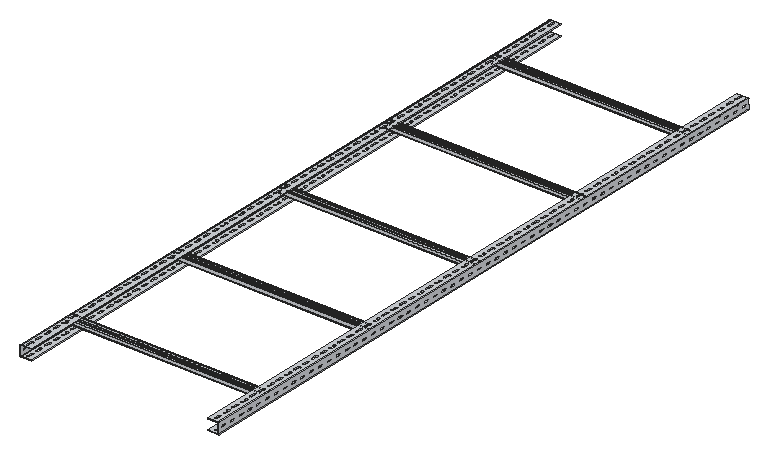
Revit family "steigeleiter_900_FT", category Generic Models, Revit 2017 (continued)
Forms (mm)
  Extrusion 306, void
    sketch origin (0, 250, 0) x (1, 0, 0) y (0, 1, 0)
      loop
        line (430.5, 15.5) -> (430.5, 34.5)
        arc (430.5, 34.5) -> (425, 40) -> (419.5, 34.5) r 5.5
        line (419.5, 34.5) -> (419.5, 15.5)
    from 0 to 2.5
  Extrusion 307, void
    sketch origin (0, 300, 0) x (1, 0, 0) y (0, 1, 0)
      loop
        arc (419.5, 15.5) -> (425, 10) -> (430.5, 15.5) r 5.5
        line (430.5, 15.5) -> (430.5, 34.5)
        arc (430.5, 34.5) -> (425, 40) -> (419.5, 34.5) r 5.5
        line (419.5, 34.5) -> (419.5, 15.5)
    from 0 to 2.5
  Extrusion 308, void
    sketch origin (0, 350, 0) x (1, 0, 0) y (0, 1, 0)
      loop
        arc (419.5, 15.5) -> (425, 10) -> (430.5, 15.5) r 5.5
        line (430.5, 15.5) -> (430.5, 34.5)
        arc (430.5, 34.5) -> (425, 40) -> (419.5, 34.5) r 5.5
        line (419.5, 34.5) -> (419.5, 15.5)
    from 0 to 2.5
  Extrusion 309, void
    sketch origin (0, 400, 0) x (1, 0, 0) y (0, 1, 0)
      loop
        arc (419.5, 15.5) -> (425, 10) -> (430.5, 15.5) r 5.5
        line (430.5, 15.5) -> (430.5, 34.5)
        arc (430.5, 34.5) -> (425, 40) -> (419.5, 34.5) r 5.5
        line (419.5, 34.5) -> (419.5, 15.5)
    from 0 to 2.5
  Extrusion 310, void
    sketch origin (0, 450, 0) x (1, 0, 0) y (0, 1, 0)
      loop
        arc (419.5, 15.5) -> (425, 10) -> (430.5, 15.5) r 5.5
        line (430.5, 15.5) -> (430.5, 34.5)
        arc (430.5, 34.5) -> (425, 40) -> (419.5, 34.5) r 5.5
        line (419.5, 34.5) -> (419.5, 15.5)
    from 0 to 2.5
  Extrusion 311, void
    sketch origin (0, 500, 0) x (1, 0, 0) y (0, 1, 0)
      loop
        arc (419.5, 15.5) -> (425, 10) -> (430.5, 15.5) r 5.5
        line (430.5, 15.5) -> (430.5, 34.5)
        arc (430.5, 34.5) -> (425, 40) -> (419.5, 34.5) r 5.5
        line (419.5, 34.5) -> (419.5, 15.5)
    from 0 to 2.5
  Extrusion 312, void
    sketch origin (0, 550, 0) x (1, 0, 0) y (0, 1, 0)
      loop
        arc (419.5, 15.5) -> (425, 10) -> (430.5, 15.5) r 5.5
        line (430.5, 15.5) -> (430.5, 34.5)
        arc (430.5, 34.5) -> (425, 40) -> (419.5, 34.5) r 5.5
        line (419.5, 34.5) -> (419.5, 15.5)
    from 0 to 2.5
  Extrusion 313, void
    sketch origin (0, 600, 0) x (1, 0, 0) y (0, 1, 0)
      loop
        arc (419.5, 15.5) -> (425, 10) -> (430.5, 15.5) r 5.5
        line (430.5, 15.5) -> (430.5, 34.5)
        arc (430.5, 34.5) -> (425, 40) -> (419.5, 34.5) r 5.5
        line (419.5, 34.5) -> (419.5, 15.5)
    from 0 to 2.5
  Extrusion 314, void
    sketch origin (0, 650, 0) x (1, 0, 0) y (0, 1, 0)
      loop
        arc (419.5, 15.5) -> (425, 10) -> (430.5, 15.5) r 5.5
        line (430.5, 15.5) -> (430.5, 34.5)
        arc (430.5, 34.5) -> (425, 40) -> (419.5, 34.5) r 5.5
        line (419.5, 34.5) -> (419.5, 15.5)
    from 0 to 2.5
  Extrusion 315, void
    sketch origin (0, 700, 0) x (1, 0, 0) y (0, 1, 0)
      loop
        arc (419.5, 15.5) -> (425, 10) -> (430.5, 15.5) r 5.5
        line (430.5, 15.5) -> (430.5, 34.5)
        arc (430.5, 34.5) -> (425, 40) -> (419.5, 34.5) r 5.5
        line (419.5, 34.5) -> (419.5, 15.5)
    from 0 to 2.5
  Extrusion 316, void
    sketch origin (0, 750, 0) x (1, 0, 0) y (0, 1, 0)
      loop
        arc (419.5, 15.5) -> (425, 10) -> (430.5, 15.5) r 5.5
        line (430.5, 15.5) -> (430.5, 34.5)
        arc (430.5, 34.5) -> (425, 40) -> (419.5, 34.5) r 5.5
        line (419.5, 34.5) -> (419.5, 15.5)
    from 0 to 2.5
  Extrusion 317, void
    sketch origin (0, 800, 0) x (1, 0, 0) y (0, 1, 0)
      loop
        arc (419.5, 15.5) -> (425, 10) -> (430.5, 15.5) r 5.5
        line (430.5, 15.5) -> (430.5, 34.5)
        arc (430.5, 34.5) -> (425, 40) -> (419.5, 34.5) r 5.5
        line (419.5, 34.5) -> (419.5, 15.5)
    from 0 to 2.5
  Extrusion 318, void
    sketch origin (0, 850, 0) x (1, 0, 0) y (0, 1, 0)
      loop
        arc (419.5, 15.5) -> (425, 10) -> (430.5, 15.5) r 5.5
        line (430.5, 15.5) -> (430.5, 34.5)
        arc (430.5, 34.5) -> (425, 40) -> (419.5, 34.5) r 5.5
        line (419.5, 34.5) -> (419.5, 15.5)
    from 0 to 2.5
  Extrusion 319, void
    sketch origin (0, 900, 0) x (1, 0, 0) y (0, 1, 0)
      loop
        arc (419.5, 15.5) -> (425, 10) -> (430.5, 15.5) r 5.5
        line (430.5, 15.5) -> (430.5, 34.5)
        arc (430.5, 34.5) -> (425, 40) -> (419.5, 34.5) r 5.5
        line (419.5, 34.5) -> (419.5, 15.5)
    from 0 to 2.5
  Extrusion 320, void
    sketch origin (0, 950, 0) x (1, 0, 0) y (0, 1, 0)
      loop
        arc (419.5, 15.5) -> (425, 10) -> (430.5, 15.5) r 5.5
        line (430.5, 15.5) -> (430.5, 34.5)
        arc (430.5, 34.5) -> (425, 40) -> (419.5, 34.5) r 5.5
        line (419.5, 34.5) -> (419.5, 15.5)
    from 0 to 2.5
  Extrusion 321, void
    sketch origin (0, 1000, 0) x (1, 0, 0) y (0, 1, 0)
      loop
        arc (419.5, 15.5) -> (425, 10) -> (430.5, 15.5) r 5.5
        line (430.5, 15.5) -> (430.5, 34.5)
        arc (430.5, 34.5) -> (425, 40) -> (419.5, 34.5) r 5.5
        line (419.5, 34.5) -> (419.5, 15.5)
    from 0 to 2.5
  Extrusion 322, void
    sketch origin (0, 1050, 0) x (1, 0, 0) y (0, 1, 0)
      loop
        arc (419.5, 15.5) -> (425, 10) -> (430.5, 15.5) r 5.5
        line (430.5, 15.5) -> (430.5, 34.5)
        arc (430.5, 34.5) -> (425, 40) -> (419.5, 34.5) r 5.5
        line (419.5, 34.5) -> (419.5, 15.5)
    from 0 to 2.5
  Extrusion 323, void
    sketch origin (0, 1100, 0) x (1, 0, 0) y (0, 1, 0)
      loop
        arc (419.5, 15.5) -> (425, 10) -> (430.5, 15.5) r 5.5
        line (430.5, 15.5) -> (430.5, 34.5)
        arc (430.5, 34.5) -> (425, 40) -> (419.5, 34.5) r 5.5
        line (419.5, 34.5) -> (419.5, 15.5)
    from 0 to 2.5
  Extrusion 324, void
    sketch origin (0, 1150, 0) x (1, 0, 0) y (0, 1, 0)
      loop
        arc (419.5, 15.5) -> (425, 10) -> (430.5, 15.5) r 5.5
        line (430.5, 15.5) -> (430.5, 34.5)
        arc (430.5, 34.5) -> (425, 40) -> (419.5, 34.5) r 5.5
        line (419.5, 34.5) -> (419.5, 15.5)
    from 0 to 2.5
  Extrusion 325, void
    sketch origin (0, 1200, 0) x (1, 0, 0) y (0, 1, 0)
      loop
        arc (419.5, 15.5) -> (425, 10) -> (430.5, 15.5) r 5.5
        line (430.5, 15.5) -> (430.5, 34.5)
        arc (430.5, 34.5) -> (425, 40) -> (419.5, 34.5) r 5.5
        line (419.5, 34.5) -> (419.5, 15.5)
    from 0 to 2.5
  Extrusion 326, void
    sketch origin (0, 1250, 0) x (1, 0, 0) y (0, 1, 0)
      loop
        arc (419.5, 15.5) -> (425, 10) -> (430.5, 15.5) r 5.5
        line (430.5, 15.5) -> (430.5, 34.5)
        arc (430.5, 34.5) -> (425, 40) -> (419.5, 34.5) r 5.5
        line (419.5, 34.5) -> (419.5, 15.5)
    from 0 to 2.5
  Extrusion 327, void
    sketch origin (0, 1300, 0) x (1, 0, 0) y (0, 1, 0)
      loop
        arc (419.5, 15.5) -> (425, 10) -> (430.5, 15.5) r 5.5
        line (430.5, 15.5) -> (430.5, 34.5)
        arc (430.5, 34.5) -> (425, 40) -> (419.5, 34.5) r 5.5
        line (419.5, 34.5) -> (419.5, 15.5)
    from 0 to 2.5
  Extrusion 328, void
    sketch origin (0, 1350, 0) x (1, 0, 0) y (0, 1, 0)
      loop
        arc (419.5, 15.5) -> (425, 10) -> (430.5, 15.5) r 5.5
        line (430.5, 15.5) -> (430.5, 34.5)
        arc (430.5, 34.5) -> (425, 40) -> (419.5, 34.5) r 5.5
        line (419.5, 34.5) -> (419.5, 15.5)
    from 0 to 2.5
  Extrusion 329, void
    sketch origin (0, 1400, 0) x (1, 0, 0) y (0, 1, 0)
      loop
        arc (419.5, 15.5) -> (425, 10) -> (430.5, 15.5) r 5.5
        line (430.5, 15.5) -> (430.5, 34.5)
        arc (430.5, 34.5) -> (425, 40) -> (419.5, 34.5) r 5.5
        line (419.5, 34.5) -> (419.5, 15.5)
    from 0 to 2.5
  Extrusion 330, void
    sketch origin (0, 1450, 0) x (1, 0, 0) y (0, 1, 0)
      loop
        arc (419.5, 15.5) -> (425, 10) -> (430.5, 15.5) r 5.5
        line (430.5, 15.5) -> (430.5, 34.5)
        arc (430.5, 34.5) -> (425, 40) -> (419.5, 34.5) r 5.5
        line (419.5, 34.5) -> (419.5, 15.5)
    from 0 to 2.5
  Extrusion 331, void
    sketch origin (0, 1500, 0) x (1, 0, 0) y (0, 1, 0)
      loop
        arc (419.5, 15.5) -> (425, 10) -> (430.5, 15.5) r 5.5
        line (430.5, 15.5) -> (430.5, 34.5)
        arc (430.5, 34.5) -> (425, 40) -> (419.5, 34.5) r 5.5
        line (419.5, 34.5) -> (419.5, 15.5)
    from 0 to 2.5
  Extrusion 332, void
    sketch origin (0, 1550, 0) x (1, 0, 0) y (0, 1, 0)
      loop
        arc (419.5, 15.5) -> (425, 10) -> (430.5, 15.5) r 5.5
        line (430.5, 15.5) -> (430.5, 34.5)
        arc (430.5, 34.5) -> (425, 40) -> (419.5, 34.5) r 5.5
        line (419.5, 34.5) -> (419.5, 15.5)
    from 0 to 2.5
  Extrusion 333, void
    sketch origin (0, 1600, 0) x (1, 0, 0) y (0, 1, 0)
      loop
        arc (419.5, 15.5) -> (425, 10) -> (430.5, 15.5) r 5.5
        line (430.5, 15.5) -> (430.5, 34.5)
        arc (430.5, 34.5) -> (425, 40) -> (419.5, 34.5) r 5.5
        line (419.5, 34.5) -> (419.5, 15.5)
    from 0 to 2.5
  Extrusion 334, void
    sketch origin (0, 1650, 0) x (1, 0, 0) y (0, 1, 0)
      loop
        arc (419.5, 15.5) -> (425, 10) -> (430.5, 15.5) r 5.5
        line (430.5, 15.5) -> (430.5, 34.5)
        arc (430.5, 34.5) -> (425, 40) -> (419.5, 34.5) r 5.5
        line (419.5, 34.5) -> (419.5, 15.5)
    from 0 to 2.5
  Extrusion 335, void
    sketch origin (0, 1700, 0) x (1, 0, 0) y (0, 1, 0)
      loop
        arc (419.5, 15.5) -> (425, 10) -> (430.5, 15.5) r 5.5
        line (430.5, 15.5) -> (430.5, 34.5)
        arc (430.5, 34.5) -> (425, 40) -> (419.5, 34.5) r 5.5
        line (419.5, 34.5) -> (419.5, 15.5)
    from 0 to 2.5
  Extrusion 336, void
    sketch origin (0, 1750, 0) x (1, 0, 0) y (0, 1, 0)
      loop
        arc (419.5, 15.5) -> (425, 10) -> (430.5, 15.5) r 5.5
        line (430.5, 15.5) -> (430.5, 34.5)
        arc (430.5, 34.5) -> (425, 40) -> (419.5, 34.5) r 5.5
        line (419.5, 34.5) -> (419.5, 15.5)
    from 0 to 2.5
  Extrusion 337, void
    sketch origin (0, 1800, 0) x (1, 0, 0) y (0, 1, 0)
      loop
        arc (419.5, 15.5) -> (425, 10) -> (430.5, 15.5) r 5.5
        line (430.5, 15.5) -> (430.5, 34.5)
        arc (430.5, 34.5) -> (425, 40) -> (419.5, 34.5) r 5.5
        line (419.5, 34.5) -> (419.5, 15.5)
    from 0 to 2.5
  Extrusion 338, void
    sketch origin (0, 1850, 0) x (1, 0, 0) y (0, 1, 0)
      loop
        arc (419.5, 15.5) -> (425, 10) -> (430.5, 15.5) r 5.5
        line (430.5, 15.5) -> (430.5, 34.5)
        arc (430.5, 34.5) -> (425, 40) -> (419.5, 34.5) r 5.5
        line (419.5, 34.5) -> (419.5, 15.5)
    from 0 to 2.5
  Extrusion 339, void
    sketch origin (0, 1900, 0) x (1, 0, 0) y (0, 1, 0)
      loop
        arc (419.5, 15.5) -> (425, 10) -> (430.5, 15.5) r 5.5
        line (430.5, 15.5) -> (430.5, 34.5)
        arc (430.5, 34.5) -> (425, 40) -> (419.5, 34.5) r 5.5
        line (419.5, 34.5) -> (419.5, 15.5)
    from 0 to 2.5
  Extrusion 340, void
    sketch origin (0, 1950, 0) x (1, 0, 0) y (0, 1, 0)
      loop
        arc (419.5, 15.5) -> (425, 10) -> (430.5, 15.5) r 5.5
        line (430.5, 15.5) -> (430.5, 34.5)
        arc (430.5, 34.5) -> (425, 40) -> (419.5, 34.5) r 5.5
        line (419.5, 34.5) -> (419.5, 15.5)
    from 0 to 2.5
  Extrusion 341, void
    sketch origin (0, 2000, 0) x (1, 0, 0) y (0, 1, 0)
      loop
        arc (419.5, 15.5) -> (425, 10) -> (430.5, 15.5) r 5.5
        line (430.5, 15.5) -> (430.5, 34.5)
        arc (430.5, 34.5) -> (425, 40) -> (419.5, 34.5) r 5.5
        line (419.5, 34.5) -> (419.5, 15.5)
    from 0 to 2.5
  Extrusion 342, void
    sketch origin (0, 2050, 0) x (1, 0, 0) y (0, 1, 0)
      loop
        arc (419.5, 15.5) -> (425, 10) -> (430.5, 15.5) r 5.5
        line (430.5, 15.5) -> (430.5, 34.5)
        arc (430.5, 34.5) -> (425, 40) -> (419.5, 34.5) r 5.5
        line (419.5, 34.5) -> (419.5, 15.5)
    from 0 to 2.5
  Extrusion 343, void
    sketch origin (0, 2100, 0) x (1, 0, 0) y (0, 1, 0)
      loop
        arc (419.5, 15.5) -> (425, 10) -> (430.5, 15.5) r 5.5
        line (430.5, 15.5) -> (430.5, 34.5)
        arc (430.5, 34.5) -> (425, 40) -> (419.5, 34.5) r 5.5
        line (419.5, 34.5) -> (419.5, 15.5)
    from 0 to 2.5
  Extrusion 344, void
    sketch origin (0, 2150, 0) x (1, 0, 0) y (0, 1, 0)
      loop
        arc (419.5, 15.5) -> (425, 10) -> (430.5, 15.5) r 5.5
        line (430.5, 15.5) -> (430.5, 34.5)
        arc (430.5, 34.5) -> (425, 40) -> (419.5, 34.5) r 5.5
        line (419.5, 34.5) -> (419.5, 15.5)
    from 0 to 2.5
  Extrusion 345, void
    sketch origin (0, 2200, 0) x (1, 0, 0) y (0, 1, 0)
      loop
        arc (419.5, 15.5) -> (425, 10) -> (430.5, 15.5) r 5.5
        line (430.5, 15.5) -> (430.5, 34.5)
        arc (430.5, 34.5) -> (425, 40) -> (419.5, 34.5) r 5.5
        line (419.5, 34.5) -> (419.5, 15.5)
    from 0 to 2.5
  Extrusion 346, void
    sketch origin (0, 2250, 0) x (1, 0, 0) y (0, 1, 0)
      loop
        arc (419.5, 15.5) -> (425, 10) -> (430.5, 15.5) r 5.5
        line (430.5, 15.5) -> (430.5, 34.5)
        arc (430.5, 34.5) -> (425, 40) -> (419.5, 34.5) r 5.5
        line (419.5, 34.5) -> (419.5, 15.5)
    from 0 to 2.5
  Extrusion 347, void
    sketch origin (0, 2300, 0) x (1, 0, 0) y (0, 1, 0)
      loop
        arc (419.5, 15.5) -> (425, 10) -> (430.5, 15.5) r 5.5
        line (430.5, 15.5) -> (430.5, 34.5)
        arc (430.5, 34.5) -> (425, 40) -> (419.5, 34.5) r 5.5
        line (419.5, 34.5) -> (419.5, 15.5)
    from 0 to 2.5
  Extrusion 348, void
    sketch origin (0, 2350, 0) x (1, 0, 0) y (0, 1, 0)
      loop
        arc (419.5, 15.5) -> (425, 10) -> (430.5, 15.5) r 5.5
        line (430.5, 15.5) -> (430.5, 34.5)
        arc (430.5, 34.5) -> (425, 40) -> (419.5, 34.5) r 5.5
        line (419.5, 34.5) -> (419.5, 15.5)
    from 0 to 2.5
  Extrusion 349, void
    sketch origin (0, 2400, 0) x (1, 0, 0) y (0, 1, 0)
      loop
        arc (419.5, 15.5) -> (425, 10) -> (430.5, 15.5) r 5.5
        line (430.5, 15.5) -> (430.5, 34.5)
        arc (430.5, 34.5) -> (425, 40) -> (419.5, 34.5) r 5.5
        line (419.5, 34.5) -> (419.5, 15.5)
    from 0 to 2.5
  Extrusion 350, void
    sketch origin (0, 2450, 0) x (1, 0, 0) y (0, 1, 0)
      loop
        arc (419.5, 15.5) -> (425, 10) -> (430.5, 15.5) r 5.5
        line (430.5, 15.5) -> (430.5, 34.5)
        arc (430.5, 34.5) -> (425, 40) -> (419.5, 34.5) r 5.5
        line (419.5, 34.5) -> (419.5, 15.5)
    from 0 to 2.5
  Extrusion 351, void
    sketch origin (0, 2500, 0) x (1, 0, 0) y (0, 1, 0)
      loop
        arc (419.5, 15.5) -> (425, 10) -> (430.5, 15.5) r 5.5
        line (430.5, 15.5) -> (430.5, 34.5)
        arc (430.5, 34.5) -> (425, 40) -> (419.5, 34.5) r 5.5
        line (419.5, 34.5) -> (419.5, 15.5)
    from 0 to 2.5
  Extrusion 352, void
    sketch origin (0, 2550, 0) x (1, 0, 0) y (0, 1, 0)
      loop
        arc (419.5, 15.5) -> (425, 10) -> (430.5, 15.5) r 5.5
        line (430.5, 15.5) -> (430.5, 34.5)
        arc (430.5, 34.5) -> (425, 40) -> (419.5, 34.5) r 5.5
        line (419.5, 34.5) -> (419.5, 15.5)
    from 0 to 2.5
  Extrusion 353, void
    sketch origin (0, 2600, 0) x (1, 0, 0) y (0, 1, 0)
      loop
        arc (419.5, 15.5) -> (425, 10) -> (430.5, 15.5) r 5.5
        line (430.5, 15.5) -> (430.5, 34.5)
        arc (430.5, 34.5) -> (425, 40) -> (419.5, 34.5) r 5.5
        line (419.5, 34.5) -> (419.5, 15.5)
    from 0 to 2.5
  Extrusion 354, void
    sketch origin (0, 2650, 0) x (1, 0, 0) y (0, 1, 0)
      loop
        arc (419.5, 15.5) -> (425, 10) -> (430.5, 15.5) r 5.5
        line (430.5, 15.5) -> (430.5, 34.5)
        arc (430.5, 34.5) -> (425, 40) -> (419.5, 34.5) r 5.5
        line (419.5, 34.5) -> (419.5, 15.5)
    from 0 to 2.5
  Extrusion 355, void
    sketch origin (0, 2700, 0) x (1, 0, 0) y (0, 1, 0)
      loop
        arc (419.5, 15.5) -> (425, 10) -> (430.5, 15.5) r 5.5
        line (430.5, 15.5) -> (430.5, 34.5)
        arc (430.5, 34.5) -> (425, 40) -> (419.5, 34.5) r 5.5
        line (419.5, 34.5) -> (419.5, 15.5)
    from 0 to 2.5
  Extrusion 356, void
    sketch origin (0, 2750, 0) x (1, 0, 0) y (0, 1, 0)
      loop
        arc (419.5, 15.5) -> (425, 10) -> (430.5, 15.5) r 5.5
        line (430.5, 15.5) -> (430.5, 34.5)
        arc (430.5, 34.5) -> (425, 40) -> (419.5, 34.5) r 5.5
        line (419.5, 34.5) -> (419.5, 15.5)
    from 0 to 2.5
  Extrusion 357, void
    sketch origin (0, 2800, 0) x (1, 0, 0) y (0, 1, 0)
      loop
        arc (419.5, 15.5) -> (425, 10) -> (430.5, 15.5) r 5.5
        line (430.5, 15.5) -> (430.5, 34.5)
        arc (430.5, 34.5) -> (425, 40) -> (419.5, 34.5) r 5.5
        line (419.5, 34.5) -> (419.5, 15.5)
    from 0 to 2.5
  Extrusion 358, void
    sketch origin (0, 2850, 0) x (1, 0, 0) y (0, 1, 0)
      loop
        arc (419.5, 15.5) -> (425, 10) -> (430.5, 15.5) r 5.5
        line (430.5, 15.5) -> (430.5, 34.5)
        arc (430.5, 34.5) -> (425, 40) -> (419.5, 34.5) r 5.5
        line (419.5, 34.5) -> (419.5, 15.5)
    from 0 to 2.5
  Extrusion 359, void
    sketch origin (0, 2900, 0) x (1, 0, 0) y (0, 1, 0)
      loop
        arc (419.5, 15.5) -> (425, 10) -> (430.5, 15.5) r 5.5
        line (430.5, 15.5) -> (430.5, 34.5)
        arc (430.5, 34.5) -> (425, 40) -> (419.5, 34.5) r 5.5
        line (419.5, 34.5) -> (419.5, 15.5)
    from 0 to 2.5
  Extrusion 360, void
    sketch origin (0, 2950, 0) x (1, 0, 0) y (0, 1, 0)
      loop
        arc (419.5, 15.5) -> (425, 10) -> (430.5, 15.5) r 5.5
        line (430.5, 15.5) -> (430.5, 34.5)
        arc (430.5, 34.5) -> (425, 40) -> (419.5, 34.5) r 5.5
        line (419.5, 34.5) -> (419.5, 15.5)
    from 0 to 2.5
  Extrusion 361, void
    sketch origin (0, 50, 0) x (1, 0, 0) y (0, 1, 0)
      loop
        arc (419.5, 15.5) -> (425, 10) -> (430.5, 15.5) r 5.5
        line (430.5, 15.5) -> (430.5, 34.5)
        arc (430.5, 34.5) -> (425, 40) -> (419.5, 34.5) r 5.5
        line (419.5, 34.5) -> (419.5, 15.5)
    from 47.5 to 50
  Extrusion 362, solid
    sketch origin (0, 0, 0) x (0, 1, 0) y (0, 0, 1)
      loop
        arc (257.5, 27) -> (256.086, 27.586) -> (255.5, 29) r 2
        line (255.5, 29) -> (255.5, 43.5)
        arc (255.5, 43.5) -> (256.086, 44.914) -> (257.5, 45.5) r 2
        line (257.5, 45.5) -> (261.5, 45.5)
        arc (261.5, 45.5) -> (262.207, 45.207) -> (262.5, 44.5) r 1
        line (262.5, 44.5) -> (262.5, 42) -> (264.5, 42) -> (264.5, 44.5)
        arc (264.5, 44.5) -> (263.621, 46.621) -> (261.5, 47.5) r 3
        line (261.5, 47.5) -> (257.5, 47.5)
        arc (257.5, 47.5) -> (254.672, 46.328) -> (253.5, 43.5) r 4
        line (253.5, 43.5) -> (253.5, 29)
        arc (253.5, 29) -> (254.672, 26.172) -> (257.5, 25) r 4
        line (257.5, 25) -> (289.5, 25)
        arc (289.5, 25) -> (292.328, 26.172) -> (293.5, 29) r 4
        line (293.5, 29) -> (293.5, 43.5)
        arc (293.5, 43.5) -> (292.328, 46.328) -> (289.5, 47.5) r 4
        line (289.5, 47.5) -> (285.5, 47.5)
        arc (285.5, 47.5) -> (283.379, 46.621) -> (282.5, 44.5) r 3
        line (282.5, 44.5) -> (282.5, 42) -> (284.5, 42) -> (284.5, 44.5)
        arc (284.5, 44.5) -> (284.793, 45.207) -> (285.5, 45.5) r 1
        line (285.5, 45.5) -> (289.5, 45.5)
        arc (289.5, 45.5) -> (290.914, 44.914) -> (291.5, 43.5) r 2
        line (291.5, 43.5) -> (291.5, 29)
        arc (291.5, 29) -> (290.914, 27.586) -> (289.5, 27) r 2
        line (289.5, 27) -> (257.5, 27)
    from -447.5 to 447.5
  Extrusion 363, solid
    sketch origin (0, 600, 0) x (0, 1, 0) y (0, 0, 1)
      loop
        arc (257.5, 27) -> (256.086, 27.586) -> (255.5, 29) r 2
        line (255.5, 29) -> (255.5, 43.5)
        arc (255.5, 43.5) -> (256.086, 44.914) -> (257.5, 45.5) r 2
        line (257.5, 45.5) -> (261.5, 45.5)
        arc (261.5, 45.5) -> (262.207, 45.207) -> (262.5, 44.5) r 1
        line (262.5, 44.5) -> (262.5, 42) -> (264.5, 42) -> (264.5, 44.5)
        arc (264.5, 44.5) -> (263.621, 46.621) -> (261.5, 47.5) r 3
        line (261.5, 47.5) -> (257.5, 47.5)
        arc (257.5, 47.5) -> (254.672, 46.328) -> (253.5, 43.5) r 4
        line (253.5, 43.5) -> (253.5, 29)
        arc (253.5, 29) -> (254.672, 26.172) -> (257.5, 25) r 4
        line (257.5, 25) -> (289.5, 25)
        arc (289.5, 25) -> (292.328, 26.172) -> (293.5, 29) r 4
        line (293.5, 29) -> (293.5, 43.5)
        arc (293.5, 43.5) -> (292.328, 46.328) -> (289.5, 47.5) r 4
        line (289.5, 47.5) -> (285.5, 47.5)
        arc (285.5, 47.5) -> (283.379, 46.621) -> (282.5, 44.5) r 3
        line (282.5, 44.5) -> (282.5, 42) -> (284.5, 42) -> (284.5, 44.5)
        arc (284.5, 44.5) -> (284.793, 45.207) -> (285.5, 45.5) r 1
        line (285.5, 45.5) -> (289.5, 45.5)
        arc (289.5, 45.5) -> (290.914, 44.914) -> (291.5, 43.5) r 2
        line (291.5, 43.5) -> (291.5, 29)
        arc (291.5, 29) -> (290.914, 27.586) -> (289.5, 27) r 2
        line (289.5, 27) -> (257.5, 27)
    from -447.5 to 447.5
  Extrusion 364, solid
    sketch origin (0, 1200, 0) x (0, 1, 0) y (0, 0, 1)
      loop
        arc (257.5, 27) -> (256.086, 27.586) -> (255.5, 29) r 2
        line (255.5, 29) -> (255.5, 43.5)
        arc (255.5, 43.5) -> (256.086, 44.914) -> (257.5, 45.5) r 2
        line (257.5, 45.5) -> (261.5, 45.5)
        arc (261.5, 45.5) -> (262.207, 45.207) -> (262.5, 44.5) r 1
        line (262.5, 44.5) -> (262.5, 42) -> (264.5, 42) -> (264.5, 44.5)
        arc (264.5, 44.5) -> (263.621, 46.621) -> (261.5, 47.5) r 3
        line (261.5, 47.5) -> (257.5, 47.5)
        arc (257.5, 47.5) -> (254.672, 46.328) -> (253.5, 43.5) r 4
        line (253.5, 43.5) -> (253.5, 29)
        arc (253.5, 29) -> (254.672, 26.172) -> (257.5, 25) r 4
        line (257.5, 25) -> (289.5, 25)
        arc (289.5, 25) -> (292.328, 26.172) -> (293.5, 29) r 4
        line (293.5, 29) -> (293.5, 43.5)
        arc (293.5, 43.5) -> (292.328, 46.328) -> (289.5, 47.5) r 4
        line (289.5, 47.5) -> (285.5, 47.5)
        arc (285.5, 47.5) -> (283.379, 46.621) -> (282.5, 44.5) r 3
        line (282.5, 44.5) -> (282.5, 42) -> (284.5, 42) -> (284.5, 44.5)
        arc (284.5, 44.5) -> (284.793, 45.207) -> (285.5, 45.5) r 1
        line (285.5, 45.5) -> (289.5, 45.5)
        arc (289.5, 45.5) -> (290.914, 44.914) -> (291.5, 43.5) r 2
        line (291.5, 43.5) -> (291.5, 29)
        arc (291.5, 29) -> (290.914, 27.586) -> (289.5, 27) r 2
        line (289.5, 27) -> (257.5, 27)
    from -447.5 to 447.5
  Extrusion 365, solid
    sketch origin (0, 1800, 0) x (0, 1, 0) y (0, 0, 1)
      loop
        arc (257.5, 27) -> (256.086, 27.586) -> (255.5, 29) r 2
        line (255.5, 29) -> (255.5, 43.5)
        arc (255.5, 43.5) -> (256.086, 44.914) -> (257.5, 45.5) r 2
        line (257.5, 45.5) -> (261.5, 45.5)
        arc (261.5, 45.5) -> (262.207, 45.207) -> (262.5, 44.5) r 1
        line (262.5, 44.5) -> (262.5, 42) -> (264.5, 42) -> (264.5, 44.5)
        arc (264.5, 44.5) -> (263.621, 46.621) -> (261.5, 47.5) r 3
        line (261.5, 47.5) -> (257.5, 47.5)
        arc (257.5, 47.5) -> (254.672, 46.328) -> (253.5, 43.5) r 4
        line (253.5, 43.5) -> (253.5, 29)
        arc (253.5, 29) -> (254.672, 26.172) -> (257.5, 25) r 4
        line (257.5, 25) -> (289.5, 25)
        arc (289.5, 25) -> (292.328, 26.172) -> (293.5, 29) r 4
        line (293.5, 29) -> (293.5, 43.5)
        arc (293.5, 43.5) -> (292.328, 46.328) -> (289.5, 47.5) r 4
        line (289.5, 47.5) -> (285.5, 47.5)
        arc (285.5, 47.5) -> (283.379, 46.621) -> (282.5, 44.5) r 3
        line (282.5, 44.5) -> (282.5, 42) -> (284.5, 42) -> (284.5, 44.5)
        arc (284.5, 44.5) -> (284.793, 45.207) -> (285.5, 45.5) r 1
        line (285.5, 45.5) -> (289.5, 45.5)
        arc (289.5, 45.5) -> (290.914, 44.914) -> (291.5, 43.5) r 2
        line (291.5, 43.5) -> (291.5, 29)
        arc (291.5, 29) -> (290.914, 27.586) -> (289.5, 27) r 2
        line (289.5, 27) -> (257.5, 27)
    from -447.5 to 447.5
  Extrusion 366, solid
    sketch origin (0, 2400, 0) x (0, 1, 0) y (0, 0, 1)
      loop
        arc (257.5, 27) -> (256.086, 27.586) -> (255.5, 29) r 2
        line (255.5, 29) -> (255.5, 43.5)
        arc (255.5, 43.5) -> (256.086, 44.914) -> (257.5, 45.5) r 2
        line (257.5, 45.5) -> (261.5, 45.5)
        arc (261.5, 45.5) -> (262.207, 45.207) -> (262.5, 44.5) r 1
        line (262.5, 44.5) -> (262.5, 42) -> (264.5, 42) -> (264.5, 44.5)
        arc (264.5, 44.5) -> (263.621, 46.621) -> (261.5, 47.5) r 3
        line (261.5, 47.5) -> (257.5, 47.5)
        arc (257.5, 47.5) -> (254.672, 46.328) -> (253.5, 43.5) r 4
        line (253.5, 43.5) -> (253.5, 29)
        arc (253.5, 29) -> (254.672, 26.172) -> (257.5, 25) r 4
        line (257.5, 25) -> (289.5, 25)
        arc (289.5, 25) -> (292.328, 26.172) -> (293.5, 29) r 4
        line (293.5, 29) -> (293.5, 43.5)
        arc (293.5, 43.5) -> (292.328, 46.328) -> (289.5, 47.5) r 4
        line (289.5, 47.5) -> (285.5, 47.5)
        arc (285.5, 47.5) -> (283.379, 46.621) -> (282.5, 44.5) r 3
        line (282.5, 44.5) -> (282.5, 42) -> (284.5, 42) -> (284.5, 44.5)
        arc (284.5, 44.5) -> (284.793, 45.207) -> (285.5, 45.5) r 1
        line (285.5, 45.5) -> (289.5, 45.5)
        arc (289.5, 45.5) -> (290.914, 44.914) -> (291.5, 43.5) r 2
        line (291.5, 43.5) -> (291.5, 29)
        arc (291.5, 29) -> (290.914, 27.586) -> (289.5, 27) r 2
        line (289.5, 27) -> (257.5, 27)
    from -447.5 to 447.5
Cuts and joins
  Extrusion 2, Extrusion 3, Extrusion 4, Extrusion 5, Extrusion 6, Extrusion 7, Extrusion 8, Extrusion 9, Extrusion 10, Extrusion 11, Extrusion 12, Extrusion 13, Extrusion 14, Extrusion 15, Extrusion 16, Extrusion 17, Extrusion 18, Extrusion 19, Extrusion 20, Extrusion 21, Extrusion 22, Extrusion 23, Extrusion 24, Extrusion 25, Extrusion 26, Extrusion 27, Extrusion 28, Extrusion 29, Extrusion 30, Extrusion 31, Extrusion 32, Extrusion 33, Extrusion 34, Extrusion 35, Extrusion 36, Extrusion 37, Extrusion 38, Extrusion 39, Extrusion 40, Extrusion 41, Extrusion 42, Extrusion 43, Extrusion 44, Extrusion 45, Extrusion 46, Extrusion 47, Extrusion 48, Extrusion 49, Extrusion 50, Extrusion 51, Extrusion 52, Extrusion 53, Extrusion 54, Extrusion 55, Extrusion 56, Extrusion 57, Extrusion 58, Extrusion 59, Extrusion 60, Extrusion 61, Extrusion 62, Extrusion 63, Extrusion 64, Extrusion 65, Extrusion 66, Extrusion 67, Extrusion 68, Extrusion 69, Extrusion 70, Extrusion 71, Extrusion 72, Extrusion 73, Extrusion 74, Extrusion 75, Extrusion 76, Extrusion 77, Extrusion 78, Extrusion 79, Extrusion 80, Extrusion 81, Extrusion 82, Extrusion 83, Extrusion 84, Extrusion 85, Extrusion 86, Extrusion 87, Extrusion 88, Extrusion 89, Extrusion 90, Extrusion 91, Extrusion 92, Extrusion 93, Extrusion 94, Extrusion 95, Extrusion 96, Extrusion 97, Extrusion 98, Extrusion 99, Extrusion 100, Extrusion 101, Extrusion 102, Extrusion 103, Extrusion 104, Extrusion 105, Extrusion 106, Extrusion 107, Extrusion 108, Extrusion 109, Extrusion 110, Extrusion 111, Extrusion 112, Extrusion 113, Extrusion 114, Extrusion 115, Extrusion 116, Extrusion 117, Extrusion 118, Extrusion 119, Extrusion 120, Extrusion 121, Extrusion 122, Extrusion 123, Extrusion 124, Extrusion 125, Extrusion 126, Extrusion 127, Extrusion 128, Extrusion 129, Extrusion 130, Extrusion 131, Extrusion 132, Extrusion 133, Extrusion 134, Extrusion 135, Extrusion 136, Extrusion 137, Extrusion 138, Extrusion 139, Extrusion 140, Extrusion 141, Extrusion 142, Extrusion 143, Extrusion 144, Extrusion 145, Extrusion 146, Extrusion 147, Extrusion 148, Extrusion 149, Extrusion 150, Extrusion 151, Extrusion 152, Extrusion 153, Extrusion 154, Extrusion 155, Extrusion 156, Extrusion 157, Extrusion 158, Extrusion 159, Extrusion 160, Extrusion 161, Extrusion 162, Extrusion 163, Extrusion 164, Extrusion 165, Extrusion 166, Extrusion 167, Extrusion 168, Extrusion 169, Extrusion 170, Extrusion 171, Extrusion 172, Extrusion 173, Extrusion 174, Extrusion 175, Extrusion 176, Extrusion 177, Extrusion 178, Extrusion 179, Extrusion 180, Extrusion 181, Extrusion 182, Extrusion 183, Extrusion 184, Extrusion 185, Extrusion 186, Extrusion 187, Extrusion 188, Extrusion 189, Extrusion 190, Extrusion 191, Extrusion 192, Extrusion 193, Extrusion 194, Extrusion 195, Extrusion 196, Extrusion 197, Extrusion 198, Extrusion 199, Extrusion 200, Extrusion 201, Extrusion 202, Extrusion 203, Extrusion 204, Extrusion 205, Extrusion 206, Extrusion 207, Extrusion 208, Extrusion 209, Extrusion 210, Extrusion 211, Extrusion 212, Extrusion 213, Extrusion 214, Extrusion 215, Extrusion 216, Extrusion 217, Extrusion 218, Extrusion 219, Extrusion 220, Extrusion 221, Extrusion 222, Extrusion 223, Extrusion 224, Extrusion 225, Extrusion 226, Extrusion 227, Extrusion 228, Extrusion 229, Extrusion 230, Extrusion 231, Extrusion 232, Extrusion 233, Extrusion 234, Extrusion 235, Extrusion 236, Extrusion 237, Extrusion 238, Extrusion 239, Extrusion 240, Extrusion 241, Extrusion 242, Extrusion 243, Extrusion 244, Extrusion 245, Extrusion 246, Extrusion 247, Extrusion 248, Extrusion 249, Extrusion 250, Extrusion 251, Extrusion 252, Extrusion 253, Extrusion 254, Extrusion 255, Extrusion 256, Extrusion 257, Extrusion 258, Extrusion 259, Extrusion 260, Extrusion 261, Extrusion 262, Extrusion 263, Extrusion 264, Extrusion 265, Extrusion 266, Extrusion 267, Extrusion 268, Extrusion 269, Extrusion 270, Extrusion 271, Extrusion 272, Extrusion 273, Extrusion 274, Extrusion 275, Extrusion 276, Extrusion 277, Extrusion 278, Extrusion 279, Extrusion 280, Extrusion 281, Extrusion 282, Extrusion 283, Extrusion 284, Extrusion 285, Extrusion 286, Extrusion 287, Extrusion 288, Extrusion 289, Extrusion 290, Extrusion 291, Extrusion 292, Extrusion 293, Extrusion 294, Extrusion 295, Extrusion 296, Extrusion 297, Extrusion 298, Extrusion 299, Extrusion 300, Extrusion 301, Extrusion 302, Extrusion 303, Extrusion 304, Extrusion 305, Extrusion 306, Extrusion 307, Extrusion 308, Extrusion 309, Extrusion 310, Extrusion 311, Extrusion 312, Extrusion 313, Extrusion 314, Extrusion 315, Extrusion 316, Extrusion 317, Extrusion 318, Extrusion 319, Extrusion 320, Extrusion 321, Extrusion 322, Extrusion 323, Extrusion 324, Extrusion 325, Extrusion 326, Extrusion 327, Extrusion 328, Extrusion 329, Extrusion 330, Extrusion 331, Extrusion 332, Extrusion 333, Extrusion 334, Extrusion 335, Extrusion 336, Extrusion 337, Extrusion 338, Extrusion 339, Extrusion 340, Extrusion 341, Extrusion 342, Extrusion 343, Extrusion 344, Extrusion 345, Extrusion 346, Extrusion 347, Extrusion 348, Extrusion 349, Extrusion 350, Extrusion 351, Extrusion 352, Extrusion 353, Extrusion 354, Extrusion 355, Extrusion 356, Extrusion 357, Extrusion 358, Extrusion 359, Extrusion 360, Extrusion 361 cuts Extrusion 1
Dimensions and locks
  locked: Extrusion 1 sketch curve to Extrusion 1 sketch curve at 2.5  (x6)
  Extrusion 1 sketch curve to Extrusion 1 sketch curve = 2.5 mm  (x3)
  locked: level to Extrusion 1 at 2.5
  "Length": plane 5 to plane 1 "Center (Front/Back)"
  locked: Extrusion 1 sketch curve to Extrusion 1 sketch curve at 50  (x6)
  Extrusion 1 sketch curve to Extrusion 1 sketch curve = 50 mm
  "Width": Extrusion 1 to Extrusion 1
  "Width 1": Extrusion 1 to plane 3 "Center (Left/Right)"
  locked: Extrusion 2 sketch curve to Extrusion 2 sketch curve at 11
  locked: Extrusion 3 sketch curve to Extrusion 3 sketch curve at 11
  locked: Extrusion 4 sketch curve to Extrusion 4 sketch curve at 11
  locked: Extrusion 5 sketch curve to Extrusion 5 sketch curve at 11
  locked: Extrusion 6 sketch curve to Extrusion 6 sketch curve at 11
  locked: Extrusion 7 sketch curve to Extrusion 7 sketch curve at 11
  locked: Extrusion 8 sketch curve to Extrusion 8 sketch curve at 11
  locked: Extrusion 9 sketch curve to Extrusion 9 sketch curve at 11
  locked: Extrusion 10 sketch curve to Extrusion 10 sketch curve at 11
  locked: Extrusion 11 sketch curve to Extrusion 11 sketch curve at 11
  locked: Extrusion 12 sketch curve to Extrusion 12 sketch curve at 11
  locked: Extrusion 13 sketch curve to Extrusion 13 sketch curve at 11
  locked: Extrusion 14 sketch curve to Extrusion 14 sketch curve at 11
  locked: Extrusion 15 sketch curve to Extrusion 15 sketch curve at 11
  locked: Extrusion 16 sketch curve to Extrusion 16 sketch curve at 11
  locked: Extrusion 17 sketch curve to Extrusion 17 sketch curve at 11
  locked: Extrusion 18 sketch curve to Extrusion 18 sketch curve at 11
  locked: Extrusion 19 sketch curve to Extrusion 19 sketch curve at 11
  locked: Extrusion 20 sketch curve to Extrusion 20 sketch curve at 11
  locked: Extrusion 21 sketch curve to Extrusion 21 sketch curve at 11
  locked: Extrusion 22 sketch curve to Extrusion 22 sketch curve at 11
  locked: Extrusion 23 sketch curve to Extrusion 23 sketch curve at 11
  locked: Extrusion 24 sketch curve to Extrusion 24 sketch curve at 11
  locked: Extrusion 25 sketch curve to Extrusion 25 sketch curve at 11
  locked: Extrusion 26 sketch curve to Extrusion 26 sketch curve at 11
  locked: Extrusion 27 sketch curve to Extrusion 27 sketch curve at 11
  locked: Extrusion 28 sketch curve to Extrusion 28 sketch curve at 11
  locked: Extrusion 29 sketch curve to Extrusion 29 sketch curve at 11
  locked: Extrusion 30 sketch curve to Extrusion 30 sketch curve at 11
  locked: Extrusion 31 sketch curve to Extrusion 31 sketch curve at 11
  locked: Extrusion 32 sketch curve to Extrusion 32 sketch curve at 11
  locked: Extrusion 33 sketch curve to Extrusion 33 sketch curve at 11
  locked: Extrusion 34 sketch curve to Extrusion 34 sketch curve at 11
  locked: Extrusion 35 sketch curve to Extrusion 35 sketch curve at 11
  locked: Extrusion 36 sketch curve to Extrusion 36 sketch curve at 11
  locked: Extrusion 37 sketch curve to Extrusion 37 sketch curve at 11
  locked: Extrusion 38 sketch curve to Extrusion 38 sketch curve at 11
  locked: Extrusion 39 sketch curve to Extrusion 39 sketch curve at 11
  locked: Extrusion 40 sketch curve to Extrusion 40 sketch curve at 11
  locked: Extrusion 41 sketch curve to Extrusion 41 sketch curve at 11
  locked: Extrusion 42 sketch curve to Extrusion 42 sketch curve at 11
  locked: Extrusion 43 sketch curve to Extrusion 43 sketch curve at 11
  locked: Extrusion 44 sketch curve to Extrusion 44 sketch curve at 11
  locked: Extrusion 45 sketch curve to Extrusion 45 sketch curve at 11
  locked: Extrusion 46 sketch curve to Extrusion 46 sketch curve at 11
  locked: Extrusion 47 sketch curve to Extrusion 47 sketch curve at 11
  locked: Extrusion 48 sketch curve to Extrusion 48 sketch curve at 11
  locked: Extrusion 49 sketch curve to Extrusion 49 sketch curve at 11
  locked: Extrusion 50 sketch curve to Extrusion 50 sketch curve at 11
  locked: Extrusion 51 sketch curve to Extrusion 51 sketch curve at 11
  locked: Extrusion 52 sketch curve to Extrusion 52 sketch curve at 11
  locked: Extrusion 53 sketch curve to Extrusion 53 sketch curve at 11
  locked: Extrusion 54 sketch curve to Extrusion 54 sketch curve at 11
  locked: Extrusion 55 sketch curve to Extrusion 55 sketch curve at 11
  locked: Extrusion 56 sketch curve to Extrusion 56 sketch curve at 11
  locked: Extrusion 57 sketch curve to Extrusion 57 sketch curve at 11
  locked: Extrusion 58 sketch curve to Extrusion 58 sketch curve at 11
  locked: Extrusion 59 sketch curve to Extrusion 59 sketch curve at 11
  locked: Extrusion 60 sketch curve to Extrusion 60 sketch curve at 11
  locked: Extrusion 61 sketch curve to Extrusion 61 sketch curve at 11
  locked: Extrusion 62 sketch curve to Extrusion 62 sketch curve at 11
  locked: Extrusion 63 sketch curve to Extrusion 63 sketch curve at 11
  locked: Extrusion 64 sketch curve to Extrusion 64 sketch curve at 11
  locked: Extrusion 65 sketch curve to Extrusion 65 sketch curve at 11
  locked: Extrusion 66 sketch curve to Extrusion 66 sketch curve at 11
  locked: Extrusion 67 sketch curve to Extrusion 67 sketch curve at 11
  locked: Extrusion 68 sketch curve to Extrusion 68 sketch curve at 11
  locked: Extrusion 69 sketch curve to Extrusion 69 sketch curve at 11
  locked: Extrusion 70 sketch curve to Extrusion 70 sketch curve at 11
  locked: Extrusion 71 sketch curve to Extrusion 71 sketch curve at 11
  locked: Extrusion 72 sketch curve to Extrusion 72 sketch curve at 11
  locked: Extrusion 73 sketch curve to Extrusion 73 sketch curve at 11
  locked: Extrusion 74 sketch curve to Extrusion 74 sketch curve at 11
  locked: Extrusion 75 sketch curve to Extrusion 75 sketch curve at 11
  locked: Extrusion 76 sketch curve to Extrusion 76 sketch curve at 11
  locked: Extrusion 77 sketch curve to Extrusion 77 sketch curve at 11
  locked: Extrusion 78 sketch curve to Extrusion 78 sketch curve at 11
  locked: Extrusion 79 sketch curve to Extrusion 79 sketch curve at 11
  locked: Extrusion 80 sketch curve to Extrusion 80 sketch curve at 11
  locked: Extrusion 81 sketch curve to Extrusion 81 sketch curve at 11
  locked: Extrusion 82 sketch curve to Extrusion 82 sketch curve at 11
  locked: Extrusion 83 sketch curve to Extrusion 83 sketch curve at 11
  locked: Extrusion 84 sketch curve to Extrusion 84 sketch curve at 11
  locked: Extrusion 85 sketch curve to Extrusion 85 sketch curve at 11
  locked: Extrusion 86 sketch curve to Extrusion 86 sketch curve at 11
  locked: Extrusion 87 sketch curve to Extrusion 87 sketch curve at 11
  locked: Extrusion 88 sketch curve to Extrusion 88 sketch curve at 11
  locked: Extrusion 89 sketch curve to Extrusion 89 sketch curve at 11
  locked: Extrusion 90 sketch curve to Extrusion 90 sketch curve at 11
  locked: Extrusion 91 sketch curve to Extrusion 91 sketch curve at 11
  locked: Extrusion 92 sketch curve to Extrusion 92 sketch curve at 11
  locked: Extrusion 93 sketch curve to Extrusion 93 sketch curve at 11
  locked: Extrusion 94 sketch curve to Extrusion 94 sketch curve at 11
  locked: Extrusion 95 sketch curve to Extrusion 95 sketch curve at 11
  locked: Extrusion 96 sketch curve to Extrusion 96 sketch curve at 11
  locked: Extrusion 97 sketch curve to Extrusion 97 sketch curve at 11
  locked: Extrusion 98 sketch curve to Extrusion 98 sketch curve at 11
  locked: Extrusion 99 sketch curve to Extrusion 99 sketch curve at 11
  locked: Extrusion 100 sketch curve to Extrusion 100 sketch curve at 11
  locked: Extrusion 101 sketch curve to Extrusion 101 sketch curve at 11
  locked: Extrusion 102 sketch curve to Extrusion 102 sketch curve at 11
  locked: Extrusion 103 sketch curve to Extrusion 103 sketch curve at 11
  locked: Extrusion 104 sketch curve to Extrusion 104 sketch curve at 11
  locked: Extrusion 105 sketch curve to Extrusion 105 sketch curve at 11
  locked: Extrusion 106 sketch curve to Extrusion 106 sketch curve at 11
  locked: Extrusion 107 sketch curve to Extrusion 107 sketch curve at 11
  locked: Extrusion 108 sketch curve to Extrusion 108 sketch curve at 11
  locked: Extrusion 109 sketch curve to Extrusion 109 sketch curve at 11
  locked: Extrusion 110 sketch curve to Extrusion 110 sketch curve at 11
  locked: Extrusion 111 sketch curve to Extrusion 111 sketch curve at 11
  locked: Extrusion 112 sketch curve to Extrusion 112 sketch curve at 11
  locked: Extrusion 113 sketch curve to Extrusion 113 sketch curve at 11
  locked: Extrusion 114 sketch curve to Extrusion 114 sketch curve at 11
  locked: Extrusion 115 sketch curve to Extrusion 115 sketch curve at 11
  locked: Extrusion 116 sketch curve to Extrusion 116 sketch curve at 11
  locked: Extrusion 117 sketch curve to Extrusion 117 sketch curve at 11
  locked: Extrusion 118 sketch curve to Extrusion 118 sketch curve at 11
  locked: Extrusion 119 sketch curve to Extrusion 119 sketch curve at 11
  locked: Extrusion 120 sketch curve to Extrusion 120 sketch curve at 11
  locked: Extrusion 121 sketch curve to Extrusion 121 sketch curve at 11
  locked: Extrusion 122 sketch curve to Extrusion 122 sketch curve at 11
  locked: Extrusion 123 sketch curve to Extrusion 123 sketch curve at 11
  locked: Extrusion 124 sketch curve to Extrusion 124 sketch curve at 11
  locked: Extrusion 125 sketch curve to Extrusion 125 sketch curve at 11
  locked: Extrusion 126 sketch curve to Extrusion 126 sketch curve at 11
  locked: Extrusion 127 sketch curve to Extrusion 127 sketch curve at 11
  locked: Extrusion 128 sketch curve to Extrusion 128 sketch curve at 11
  locked: Extrusion 129 sketch curve to Extrusion 129 sketch curve at 11
  locked: Extrusion 130 sketch curve to Extrusion 130 sketch curve at 11
  locked: Extrusion 131 sketch curve to Extrusion 131 sketch curve at 11
  locked: Extrusion 132 sketch curve to Extrusion 132 sketch curve at 11
  locked: Extrusion 133 sketch curve to Extrusion 133 sketch curve at 11
  locked: Extrusion 134 sketch curve to Extrusion 134 sketch curve at 11
  locked: Extrusion 135 sketch curve to Extrusion 135 sketch curve at 11
  locked: Extrusion 136 sketch curve to Extrusion 136 sketch curve at 11
  locked: Extrusion 137 sketch curve to Extrusion 137 sketch curve at 11
  locked: Extrusion 138 sketch curve to Extrusion 138 sketch curve at 11
  locked: Extrusion 139 sketch curve to Extrusion 139 sketch curve at 11
  locked: Extrusion 140 sketch curve to Extrusion 140 sketch curve at 11
  locked: Extrusion 141 sketch curve to Extrusion 141 sketch curve at 11
  locked: Extrusion 142 sketch curve to Extrusion 142 sketch curve at 11
  locked: Extrusion 143 sketch curve to Extrusion 143 sketch curve at 11
  locked: Extrusion 144 sketch curve to Extrusion 144 sketch curve at 11
  locked: Extrusion 145 sketch curve to Extrusion 145 sketch curve at 11
  locked: Extrusion 146 sketch curve to Extrusion 146 sketch curve at 11
  locked: Extrusion 147 sketch curve to Extrusion 147 sketch curve at 11
  locked: Extrusion 148 sketch curve to Extrusion 148 sketch curve at 11
  locked: Extrusion 149 sketch curve to Extrusion 149 sketch curve at 11
  locked: Extrusion 150 sketch curve to Extrusion 150 sketch curve at 11
  locked: Extrusion 151 sketch curve to Extrusion 151 sketch curve at 11
  locked: Extrusion 152 sketch curve to Extrusion 152 sketch curve at 11
  locked: Extrusion 153 sketch curve to Extrusion 153 sketch curve at 11
  locked: Extrusion 154 sketch curve to Extrusion 154 sketch curve at 11
  locked: Extrusion 155 sketch curve to Extrusion 155 sketch curve at 11
  locked: Extrusion 156 sketch curve to Extrusion 156 sketch curve at 11
  locked: Extrusion 157 sketch curve to Extrusion 157 sketch curve at 11
  locked: Extrusion 158 sketch curve to Extrusion 158 sketch curve at 11
  locked: Extrusion 159 sketch curve to Extrusion 159 sketch curve at 11
  locked: Extrusion 160 sketch curve to Extrusion 160 sketch curve at 11
  locked: Extrusion 161 sketch curve to Extrusion 161 sketch curve at 11
  locked: Extrusion 162 sketch curve to Extrusion 162 sketch curve at 11
  locked: Extrusion 163 sketch curve to Extrusion 163 sketch curve at 11
  locked: Extrusion 164 sketch curve to Extrusion 164 sketch curve at 11
  locked: Extrusion 165 sketch curve to Extrusion 165 sketch curve at 11
  locked: Extrusion 166 sketch curve to Extrusion 166 sketch curve at 11
  locked: Extrusion 167 sketch curve to Extrusion 167 sketch curve at 11
  locked: Extrusion 168 sketch curve to Extrusion 168 sketch curve at 11
  locked: Extrusion 169 sketch curve to Extrusion 169 sketch curve at 11
  locked: Extrusion 170 sketch curve to Extrusion 170 sketch curve at 11
  locked: Extrusion 171 sketch curve to Extrusion 171 sketch curve at 11
  locked: Extrusion 172 sketch curve to Extrusion 172 sketch curve at 11
  locked: Extrusion 173 sketch curve to Extrusion 173 sketch curve at 11
  locked: Extrusion 174 sketch curve to Extrusion 174 sketch curve at 11
  locked: Extrusion 175 sketch curve to Extrusion 175 sketch curve at 11
  locked: Extrusion 176 sketch curve to Extrusion 176 sketch curve at 11
  locked: Extrusion 177 sketch curve to Extrusion 177 sketch curve at 11
  locked: Extrusion 178 sketch curve to Extrusion 178 sketch curve at 11
  locked: Extrusion 179 sketch curve to Extrusion 179 sketch curve at 11
  locked: Extrusion 180 sketch curve to Extrusion 180 sketch curve at 11
  group 176 to group 177 = 0 mm  (x2)
  group 177 to group 176 = 50 mm
  locked: Extrusion 181 sketch curve to Extrusion 181 sketch curve at 11
  locked: Extrusion 182 sketch curve to Extrusion 182 sketch curve at 11
  locked: Extrusion 183 sketch curve to Extrusion 183 sketch curve at 11
  locked: Extrusion 184 sketch curve to Extrusion 184 sketch curve at 11
  locked: Extrusion 185 sketch curve to Extrusion 185 sketch curve at 11
  locked: Extrusion 186 sketch curve to Extrusion 186 sketch curve at 11
  locked: Extrusion 187 sketch curve to Extrusion 187 sketch curve at 11
  locked: Extrusion 188 sketch curve to Extrusion 188 sketch curve at 11
  locked: Extrusion 189 sketch curve to Extrusion 189 sketch curve at 11
  locked: Extrusion 190 sketch curve to Extrusion 190 sketch curve at 11
  locked: Extrusion 191 sketch curve to Extrusion 191 sketch curve at 11
  locked: Extrusion 192 sketch curve to Extrusion 192 sketch curve at 11
  locked: Extrusion 193 sketch curve to Extrusion 193 sketch curve at 11
  locked: Extrusion 194 sketch curve to Extrusion 194 sketch curve at 11
  locked: Extrusion 195 sketch curve to Extrusion 195 sketch curve at 11
  locked: Extrusion 196 sketch curve to Extrusion 196 sketch curve at 11
  locked: Extrusion 197 sketch curve to Extrusion 197 sketch curve at 11
  locked: Extrusion 198 sketch curve to Extrusion 198 sketch curve at 11
  locked: Extrusion 199 sketch curve to Extrusion 199 sketch curve at 11
  locked: Extrusion 200 sketch curve to Extrusion 200 sketch curve at 11
  locked: Extrusion 201 sketch curve to Extrusion 201 sketch curve at 11
  locked: Extrusion 202 sketch curve to Extrusion 202 sketch curve at 11
  locked: Extrusion 203 sketch curve to Extrusion 203 sketch curve at 11
  locked: Extrusion 204 sketch curve to Extrusion 204 sketch curve at 11
  locked: Extrusion 205 sketch curve to Extrusion 205 sketch curve at 11
  locked: Extrusion 206 sketch curve to Extrusion 206 sketch curve at 11
  locked: Extrusion 207 sketch curve to Extrusion 207 sketch curve at 11
  locked: Extrusion 208 sketch curve to Extrusion 208 sketch curve at 11
  locked: Extrusion 209 sketch curve to Extrusion 209 sketch curve at 11
  locked: Extrusion 210 sketch curve to Extrusion 210 sketch curve at 11
  locked: Extrusion 211 sketch curve to Extrusion 211 sketch curve at 11
  locked: Extrusion 212 sketch curve to Extrusion 212 sketch curve at 11
  locked: Extrusion 213 sketch curve to Extrusion 213 sketch curve at 11
  locked: Extrusion 214 sketch curve to Extrusion 214 sketch curve at 11
  locked: Extrusion 215 sketch curve to Extrusion 215 sketch curve at 11
  locked: Extrusion 216 sketch curve to Extrusion 216 sketch curve at 11
  locked: Extrusion 217 sketch curve to Extrusion 217 sketch curve at 11
  locked: Extrusion 218 sketch curve to Extrusion 218 sketch curve at 11
  locked: Extrusion 219 sketch curve to Extrusion 219 sketch curve at 11
  locked: Extrusion 220 sketch curve to Extrusion 220 sketch curve at 11
  locked: Extrusion 221 sketch curve to Extrusion 221 sketch curve at 11
  locked: Extrusion 222 sketch curve to Extrusion 222 sketch curve at 11
  locked: Extrusion 223 sketch curve to Extrusion 223 sketch curve at 11
  locked: Extrusion 224 sketch curve to Extrusion 224 sketch curve at 11
  locked: Extrusion 225 sketch curve to Extrusion 225 sketch curve at 11
  locked: Extrusion 226 sketch curve to Extrusion 226 sketch curve at 11
  locked: Extrusion 227 sketch curve to Extrusion 227 sketch curve at 11
  locked: Extrusion 228 sketch curve to Extrusion 228 sketch curve at 11
  locked: Extrusion 229 sketch curve to Extrusion 229 sketch curve at 11
  locked: Extrusion 230 sketch curve to Extrusion 230 sketch curve at 11
  locked: Extrusion 231 sketch curve to Extrusion 231 sketch curve at 11
  locked: Extrusion 232 sketch curve to Extrusion 232 sketch curve at 11
  locked: Extrusion 233 sketch curve to Extrusion 233 sketch curve at 11
  locked: Extrusion 234 sketch curve to Extrusion 234 sketch curve at 11
  locked: Extrusion 235 sketch curve to Extrusion 235 sketch curve at 11
  locked: Extrusion 236 sketch curve to Extrusion 236 sketch curve at 11
  locked: Extrusion 237 sketch curve to Extrusion 237 sketch curve at 11
  locked: Extrusion 238 sketch curve to Extrusion 238 sketch curve at 11
  locked: Extrusion 239 sketch curve to Extrusion 239 sketch curve at 11
  locked: Extrusion 240 sketch curve to Extrusion 240 sketch curve at 11
  group 236 to group 237 = 0 mm  (x2)
  group 237 to group 236 = 50 mm
  locked: Extrusion 241 sketch curve to Extrusion 241 sketch curve at 11
  locked: Extrusion 242 sketch curve to Extrusion 242 sketch curve at 11
  equal spacing: group 238, group 239, group 240, group 241, group 242, group 243, group 244, group 245, group 246, group 247, group 248, group 249, group 250, group 251, group 252, group 253, group 254, group 255, group 256, group 257, group 258, group 259, group 260, group 261, group 262, group 263, group 264, group 265, group 266, group 267, group 268, group 269, group 270, group 271, group 272, group 273, group 274, group 275, group 276, group 277, group 278, group 279, group 280, group 281, group 282, group 283, group 284, group 285, group 286, group 287, group 288, group 289, group 290, group 291, group 292, group 293, group 294, group 295, group 296, group 297  (x3)
  locked: Extrusion 243 sketch curve to Extrusion 243 sketch curve at 11
  locked: Extrusion 244 sketch curve to Extrusion 244 sketch curve at 11
  locked: Extrusion 245 sketch curve to Extrusion 245 sketch curve at 11
  locked: Extrusion 246 sketch curve to Extrusion 246 sketch curve at 11
  locked: Extrusion 247 sketch curve to Extrusion 247 sketch curve at 11
  locked: Extrusion 248 sketch curve to Extrusion 248 sketch curve at 11
  locked: Extrusion 249 sketch curve to Extrusion 249 sketch curve at 11
  locked: Extrusion 250 sketch curve to Extrusion 250 sketch curve at 11
  locked: Extrusion 251 sketch curve to Extrusion 251 sketch curve at 11
  locked: Extrusion 252 sketch curve to Extrusion 252 sketch curve at 11
  locked: Extrusion 253 sketch curve to Extrusion 253 sketch curve at 11
  locked: Extrusion 254 sketch curve to Extrusion 254 sketch curve at 11
  locked: Extrusion 255 sketch curve to Extrusion 255 sketch curve at 11
  locked: Extrusion 256 sketch curve to Extrusion 256 sketch curve at 11
  locked: Extrusion 257 sketch curve to Extrusion 257 sketch curve at 11
  locked: Extrusion 258 sketch curve to Extrusion 258 sketch curve at 11
  locked: Extrusion 259 sketch curve to Extrusion 259 sketch curve at 11
  locked: Extrusion 260 sketch curve to Extrusion 260 sketch curve at 11
  locked: Extrusion 261 sketch curve to Extrusion 261 sketch curve at 11
  locked: Extrusion 262 sketch curve to Extrusion 262 sketch curve at 11
  locked: Extrusion 263 sketch curve to Extrusion 263 sketch curve at 11
  locked: Extrusion 264 sketch curve to Extrusion 264 sketch curve at 11
  locked: Extrusion 265 sketch curve to Extrusion 265 sketch curve at 11
  locked: Extrusion 266 sketch curve to Extrusion 266 sketch curve at 11
  locked: Extrusion 267 sketch curve to Extrusion 267 sketch curve at 11
  locked: Extrusion 268 sketch curve to Extrusion 268 sketch curve at 11
  locked: Extrusion 269 sketch curve to Extrusion 269 sketch curve at 11
  locked: Extrusion 270 sketch curve to Extrusion 270 sketch curve at 11
  locked: Extrusion 271 sketch curve to Extrusion 271 sketch curve at 11
  locked: Extrusion 272 sketch curve to Extrusion 272 sketch curve at 11
  locked: Extrusion 273 sketch curve to Extrusion 273 sketch curve at 11
  locked: Extrusion 274 sketch curve to Extrusion 274 sketch curve at 11
  locked: Extrusion 275 sketch curve to Extrusion 275 sketch curve at 11
  locked: Extrusion 276 sketch curve to Extrusion 276 sketch curve at 11
  locked: Extrusion 277 sketch curve to Extrusion 277 sketch curve at 11
  locked: Extrusion 278 sketch curve to Extrusion 278 sketch curve at 11
  locked: Extrusion 279 sketch curve to Extrusion 279 sketch curve at 11
  locked: Extrusion 280 sketch curve to Extrusion 280 sketch curve at 11
  locked: Extrusion 281 sketch curve to Extrusion 281 sketch curve at 11
  locked: Extrusion 282 sketch curve to Extrusion 282 sketch curve at 11
  locked: Extrusion 283 sketch curve to Extrusion 283 sketch curve at 11
  locked: Extrusion 284 sketch curve to Extrusion 284 sketch curve at 11
  locked: Extrusion 285 sketch curve to Extrusion 285 sketch curve at 11
  locked: Extrusion 286 sketch curve to Extrusion 286 sketch curve at 11
  locked: Extrusion 287 sketch curve to Extrusion 287 sketch curve at 11
  locked: Extrusion 288 sketch curve to Extrusion 288 sketch curve at 11
  locked: Extrusion 289 sketch curve to Extrusion 289 sketch curve at 11
  locked: Extrusion 290 sketch curve to Extrusion 290 sketch curve at 11
  locked: Extrusion 291 sketch curve to Extrusion 291 sketch curve at 11
  locked: Extrusion 292 sketch curve to Extrusion 292 sketch curve at 11
  locked: Extrusion 293 sketch curve to Extrusion 293 sketch curve at 11
  locked: Extrusion 294 sketch curve to Extrusion 294 sketch curve at 11
  locked: Extrusion 295 sketch curve to Extrusion 295 sketch curve at 11
  locked: Extrusion 296 sketch curve to Extrusion 296 sketch curve at 11
  locked: Extrusion 297 sketch curve to Extrusion 297 sketch curve at 11
  locked: Extrusion 298 sketch curve to Extrusion 298 sketch curve at 11
  locked: Extrusion 299 sketch curve to Extrusion 299 sketch curve at 11
  locked: Extrusion 300 sketch curve to Extrusion 300 sketch curve at 11
  locked: Extrusion 301 sketch curve to Extrusion 301 sketch curve at 11
  locked: Extrusion 302 sketch curve to Extrusion 302 sketch curve at 11
  locked: Extrusion 303 sketch curve to Extrusion 303 sketch curve at 11
  locked: Extrusion 304 sketch curve to Extrusion 304 sketch curve at 11
  locked: Extrusion 305 sketch curve to Extrusion 305 sketch curve at 11
  locked: Extrusion 306 sketch curve to Extrusion 306 sketch curve at 11
  locked: Extrusion 307 sketch curve to Extrusion 307 sketch curve at 11
  locked: Extrusion 308 sketch curve to Extrusion 308 sketch curve at 11
  locked: Extrusion 309 sketch curve to Extrusion 309 sketch curve at 11
  locked: Extrusion 310 sketch curve to Extrusion 310 sketch curve at 11
  locked: Extrusion 311 sketch curve to Extrusion 311 sketch curve at 11
  locked: Extrusion 312 sketch curve to Extrusion 312 sketch curve at 11
  locked: Extrusion 313 sketch curve to Extrusion 313 sketch curve at 11
  locked: Extrusion 314 sketch curve to Extrusion 314 sketch curve at 11
  locked: Extrusion 315 sketch curve to Extrusion 315 sketch curve at 11
  locked: Extrusion 316 sketch curve to Extrusion 316 sketch curve at 11
  locked: Extrusion 317 sketch curve to Extrusion 317 sketch curve at 11
  locked: Extrusion 318 sketch curve to Extrusion 318 sketch curve at 11
  locked: Extrusion 319 sketch curve to Extrusion 319 sketch curve at 11
  locked: Extrusion 320 sketch curve to Extrusion 320 sketch curve at 11
  locked: Extrusion 321 sketch curve to Extrusion 321 sketch curve at 11
  locked: Extrusion 322 sketch curve to Extrusion 322 sketch curve at 11
  locked: Extrusion 323 sketch curve to Extrusion 323 sketch curve at 11
  locked: Extrusion 324 sketch curve to Extrusion 324 sketch curve at 11
  locked: Extrusion 325 sketch curve to Extrusion 325 sketch curve at 11
  locked: Extrusion 326 sketch curve to Extrusion 326 sketch curve at 11
  locked: Extrusion 327 sketch curve to Extrusion 327 sketch curve at 11
  locked: Extrusion 328 sketch curve to Extrusion 328 sketch curve at 11
  locked: Extrusion 329 sketch curve to Extrusion 329 sketch curve at 11
  locked: Extrusion 330 sketch curve to Extrusion 330 sketch curve at 11
  locked: Extrusion 331 sketch curve to Extrusion 331 sketch curve at 11
  locked: Extrusion 332 sketch curve to Extrusion 332 sketch curve at 11
  locked: Extrusion 333 sketch curve to Extrusion 333 sketch curve at 11
  locked: Extrusion 334 sketch curve to Extrusion 334 sketch curve at 11
  locked: Extrusion 335 sketch curve to Extrusion 335 sketch curve at 11
  locked: Extrusion 336 sketch curve to Extrusion 336 sketch curve at 11
  locked: Extrusion 337 sketch curve to Extrusion 337 sketch curve at 11
  locked: Extrusion 338 sketch curve to Extrusion 338 sketch curve at 11
  locked: Extrusion 339 sketch curve to Extrusion 339 sketch curve at 11
  locked: Extrusion 340 sketch curve to Extrusion 340 sketch curve at 11
  locked: Extrusion 341 sketch curve to Extrusion 341 sketch curve at 11
  locked: Extrusion 342 sketch curve to Extrusion 342 sketch curve at 11
  locked: Extrusion 343 sketch curve to Extrusion 343 sketch curve at 11
  locked: Extrusion 344 sketch curve to Extrusion 344 sketch curve at 11
  locked: Extrusion 345 sketch curve to Extrusion 345 sketch curve at 11
